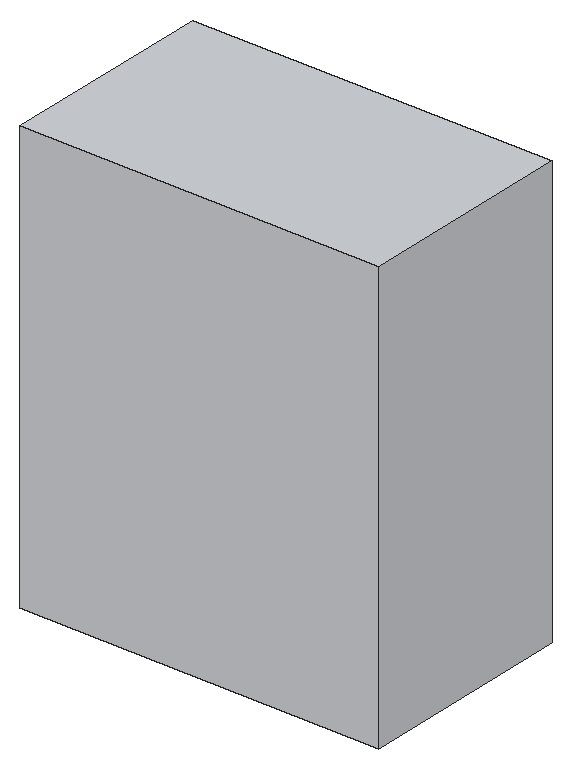
Revit family "PLL - DELIVERY 1- PARTS", category Generic Models, Revit 2017
Family settings
  Can host rebar = No
  Round Connector Dimension = Use Diameter
  Part Type = Normal
  Work Plane-Based = No
  Always vertical = Yes
  Cut with Voids When Loaded = No
  Shared = No
  Room Calculation Point = No
Parameters (values of type "30x60cm")
  profondità = 500 mm
  larghezza = 300 mm
  C_spessore = 600 mm
  C_alteza da terra = 1000 mm
Types (4, lengths in mm): name | profondità | larghezza
  (no name) | 500 | 300
  30x60cm | 500 | 300
  50x60cm | 500 | 500
  60x60cm | 600 | 600
Reference planes
  plane 1 "Center (Front/Back)": y = 0
  plane 2: z = 0
  plane 3 "Center (Left/Right)": x = 0
  plane 4: x = 500
  plane 5: y = 300
  plane 6 "base": z = 1000
  plane 7 "top": z = 1600
Forms (mm)
  Extrusion 1, solid
    sketch origin (0, 0, 0) x (1, 0, 0) y (0, 1, 0)
      loop
        line (0, 300) -> (0, 0) -> (500, 0) -> (500, 300) -> (0, 300)
    from 1000 to 1600
Dimensions and locks
  "larghezza": plane 5 to plane 1 "Center (Front/Back)"
  "profondità": plane 3 "Center (Left/Right)" to plane 4
  "C_spessore": plane 6 "base" to plane 7 "top"
  "C_alteza da terra": level to plane 6 "base"
  aligned and locked: level to plane 2
  aligned and locked: Extrusion 1 sketch curve to plane 5
  aligned and locked: plane 3 "Center (Left/Right)" to Extrusion 1 sketch curve
  aligned and locked: Extrusion 1 to plane 6 "base"
  aligned and locked: plane 7 "top" to Extrusion 1
  aligned and locked: Extrusion 1 to plane 4
  aligned and locked: plane 5 to Extrusion 1
  aligned and locked: plane 1 "Center (Front/Back)" to Extrusion 1
  aligned and locked: Extrusion 1 to plane 3 "Center (Left/Right)"
Automatic sketch dimensions
  plane 1 "Center (Front/Back)" to Extrusion 1 sketch curve = 0 mm
  Extrusion 1 sketch curve to plane 4 = 0 mm
